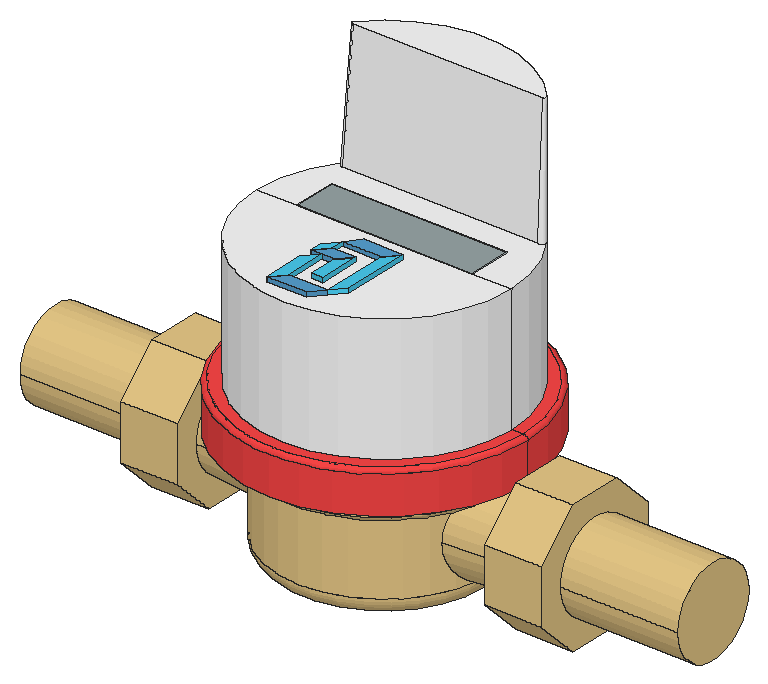
Revit family "DCST_Счетчик водяной бытовой_ВСКМ iWAN", category Арматура трубопроводов, Revit 2019
Family settings
  Размер круглого соединителя = Использовать диаметр
  Тип детали = Вставляется
  На основе рабочей плоскости = Нет
  Всегда вертикально = Да
  При загрузке вырезать с полостями = Нет
  Общий = Нет
Parameters (values of type "ВСКМ-15 iWAN 80 мм")
  УГО_Длина линии = L1  # 27 mm
  УГО_Длина = Монтажная длина - 10 mm + 2 * L2  # 96 mm
  УГО_Высота = УГО_Длина / 2  # 48 mm
  Тип счетчика [instance] = "крыльчатый"  # constant formula
  Тип водоснабжения [instance] = "универсальное"  # constant formula
  Способ присоединения [instance] = "резьбовое"  # constant formula
  Сегмент товаров [instance] = "Бытовые счетчики воды"  # constant formula
  Присоединение к трубопроводу [instance] = size_lookup(LT, "G", "", Диаметр условного прохода, Монтажная длина, ИПД_Код)  # "3/4\""
  Номинальный (рабочий) расход Qn [instance] = size_lookup(LT, "Qn", "", Диаметр условного прохода, Монтажная длина, ИПД_Код)  # "1.5 м3/ч"
  Номинальное давление [instance] = "16 кгс/см²"  # constant formula
  Наименование линейки [instance] = "ВСКМ iWAN"  # constant formula
  Мокроходный [instance] = "нет"  # constant formula
  Модификация оборудования [instance] = size_lookup(LT, "", "", Диаметр условного прохода, Монтажная длина, ИПД_Код)  # "ВСКМ-15 iWAN (80 мм)"
  Многоструйный [instance] = "нет"  # constant formula
  Минимальный расход Qmin_класс С [instance] = size_lookup(LT, "QminC", "", Диаметр условного прохода, Монтажная длина, ИПД_Код)  # "-"
  Минимальный расход Qmin_класс В [instance] = size_lookup(LT, "QminB", "", Диаметр условного прохода, Монтажная длина, ИПД_Код)  # "0.03 м3/ч"
  Минимальный расход Qmin_класс А [instance] = size_lookup(LT, "QminA", "", Диаметр условного прохода, Монтажная длина, ИПД_Код)  # "0.06 м3/ч"
  Метрологический класс / класс точности [instance] = if(Интерфейс передачи данных = ИПД_Lo_C, "класс \"C\"", "класс \"B\"")  # "класс \"B\""
  Межповерочный интервал [instance] = "6 лет"  # constant formula
  Материал корпуса [instance] = size_lookup(LT, "Mat", "", Диаметр условного прохода, Монтажная длина, ИПД_Код)  # "латунь"
  Максимальный расход Qmax [instance] = size_lookup(LT, "Qmax", "", Диаметр условного прохода, Монтажная длина, ИПД_Код)  # "3 м3/ч"
  Контакты_Разработчик = "support@bimlib.pro"  # constant formula
  Контакты_Производитель = "metronic@decast.com"  # constant formula
  Интерфейс передачи данных [instance] = ♦ : LoRaWAN, класс «B»
  Изготовитель = "Декаст"  # constant formula
  ИПД_Код [instance] = if(Интерфейс передачи данных = ИПД_Lo_B, 0, if(Интерфейс передачи данных = ИПД_Lo_C, 1, if(Интерфейс передачи данных = ИПД_NB, 2, 3)))  # 0
  ИПД_RS = ♦ : RS-485
  ИПД_NB = ♦ : NB-IoT
  ИПД_Lo_C = ♦ : LoRaWAN, класс «C»
  ИПД_Lo_B = ♦ : LoRaWAN, класс «B»
  Диапазон температуры измеряемой среды [instance] = size_lookup(LT, "T", "", Диаметр условного прохода, Монтажная длина, ИПД_Код)  # "от +5 до +95 °C"
  Диаметр условного прохода = 15 mm
  Watermark [instance] = "Модели защищены уникальным кодом"
  URL = "https://www.decast.com/"
  SW = 30 mm
  LT = "ВСКМ iWAN"  # constant formula
  L2 = 13 mm
  L1 = 27 mm
  Монтажная длина = 80 mm
  F = 0 mm
  Dm = 20 mm
  D1 = 24 mm
  D = 20 mm
  ADSK_Наименование [instance] = size_lookup(LT, "Name", "Не найдено: счетчик для воды бытовой", Диаметр условного прохода, Монтажная длина, ИПД_Код)  # "Счетчик воды бытовой, монтажная длина 80 мм, Qn=1.5 м3/ч, Qmax=3 м3/ч, G 3/4\" с интерфейсом для передачи данных LoRaWAN"
  ADSK_Масса_Текст = ""
  ADSK_Масса [instance] = size_lookup(LT, "M", 0, Диаметр условного прохода, Монтажная длина, ИПД_Код)  # 0.5
  ADSK_Марка [instance] = size_lookup(LT, "", "", Диаметр условного прохода, Монтажная длина, ИПД_Код)  # "ВСКМ-15 iWAN (80 мм)"
  ADSK_Количество = 1  # constant formula
  ADSK_Код изделия [instance] = size_lookup(LT, "Art", "", Диаметр условного прохода, Монтажная длина, ИПД_Код)  # "72-15-345"
  ADSK_Завод-изготовитель = "Декаст"  # constant formula
  ADSK_Единица измерения = "шт."
  ADSK_Диаметр условный = 15 mm
Types (3, lengths in mm): name | УГО_Длина линии | УГО_Длина | УГО_Высота | Присоединение к трубопроводу | Номинальный (рабочий) расход Qn | Модификация оборудования | Минимальный расход Qmin_класс В | Минимальный расход Qmin_класс А | Максимальный расход Qmax | Диаметр условного прохода | SW | L2 | L1 | Монтажная длина | F | Dm | D1 | ADSK_Наименование | ADSK_Масса | ADSK_Марка | ADSK_Код изделия | ADSK_Диаметр условный
  ВСКМ-15 iWAN 80 мм | 27 | 96 | 48 | "3/4\"" | "1.5 м3/ч" | "ВСКМ-15 iWAN (80 мм)" | "0.03 м3/ч" | "0.06 м3/ч" | "3 м3/ч" | 15 | 30 | 13 | 27 | 80 | 0 | 20 | 24 | "Счетчик воды бытовой, монтажная длина 80 мм, Qn=1.5 м3/ч, Qmax=3 м3/ч, G 3/4\" с интерфейсом для передачи данных LoRaWAN" | 0.5 | "ВСКМ-15 iWAN (80 мм)" | "72-15-345" | 15
  ВСКМ-15 iWAN 110 мм | 27 | 126 | 63 | "3/4\"" | "1.5 м3/ч" | "ВСКМ-15 iWAN (110 мм)" | "0.03 м3/ч" | "0.06 м3/ч" | "3 м3/ч" | 15 | 30 | 13 | 27 | 110 | 0 | 20 | 24 | "Счетчик воды бытовой, монтажная длина 110 мм, Qn=1.5 м3/ч, Qmax=3 м3/ч, G 3/4\" с интерфейсом для передачи данных LoRaWAN" | 0.6 | "ВСКМ-15 iWAN (110 мм)" | "72-15-315" | 15
  ВСКМ-20 iWAN 130 мм | 40 | 154 | 77 | "1\"" | "2.5 м3/ч" | "ВСКМ-20 iWAN" | "0.05 м3/ч" | "0.1 м3/ч" | "5 м3/ч" | 20 | 35 | 17 | 40 | 130 | 8 | 25 | 20 | "Счетчик воды бытовой, монтажная длина 130 мм, Qn=2.5 м3/ч, Qmax=5 м3/ч, G 1\" с интерфейсом для передачи данных LoRaWAN" | 0.7 | "ВСКМ-20 iWAN" | "72-20-315" | 20
Reference planes
  plane 1 "По центру (Вперед/Назад)": y = 0
  plane 2: z = 0
  plane 3 "По центру (Влево/Вправо)": x = 0
  plane 4: x = -40
  plane 5: x = 40
  plane 6: x = -75
  plane 7: x = 75
  plane 8: x = -35
  plane 9: x = -48
  plane 10: x = 35
  plane 11: x = 48
  plane 12: y = 0
Forms (mm)
  Revolve 1, solid, material "Латунь", detail levels fine
    sketch origin (0, 0, 0) x (1, 0, 0) y (0, 0, 1)
      loop
        arc (-24.35, -10.2) -> (-23.178, -13.028) -> (-20.35, -14.2) r 4
        line (-20.35, -14.2) -> (0, -14.2) -> (0, 11.4) -> (-27.673, 11.4) -> (-27.673, 8.387)
        arc (-27.673, 8.387) -> (-27.38, 7.679) -> (-26.673, 7.387) r 1
        line (-26.673, 7.387) -> (-24.35, 7.387) -> (-24.35, -10.2)
      axis (0, -14.2) -> (0, 11.4)
    angle from 0 to 360
  Revolve 2, solid, material "RGB_RAL 3026 (Красный)", detail levels fine
    sketch origin (0, 0, 0) x (1, 0, 0) y (0, 0, 1)
      loop
        line (0, 11.4) -> (0, 21) -> (-31.7, 21)
        arc (-31.7, 21) -> (-32.407, 20.707) -> (-32.7, 20) r 1
        line (-32.7, 20) -> (-32.7, 11.4) -> (0, 11.4)
      axis (0, 11.4) -> (0, 21)
    angle from 0 to 360
  Revolve 3, solid, material "RGB_RAL 9003 (Белый сигнальный)", detail levels fine
    sketch origin (0, 0, 0) x (1, 0, 0) y (0, 0, 1)
      loop
        line (0, 21) -> (29, 21) -> (29, 49.624) -> (0, 49.624) -> (0, 21)
      axis (0, 21) -> (0, 49.624)
    angle from 0 to 360
  Blend 4, solid, material "RGB_RAL 9003 (Белый сигнальный)", detail levels fine
    base sketch origin (0, 0, 0) x (0, -1, 0) y (1, 0, 0)
      loop
        line (-16, -22.249) -> (-16, 22.249)
        arc (-16, 22.249) -> (-16.557, 23.145) -> (-17.607, 23.043) r 1
        arc (-17.607, 23.043) -> (-29, 0) -> (-17.607, -23.043) r 29
        arc (-17.607, -23.043) -> (-16.557, -23.145) -> (-16, -22.249) r 1
    top sketch origin (0, 0, 0) x (0, -1, 0) y (1, 0, 0)
      loop
        line (-18, -21.679) -> (-18, 21.679)
        arc (-18, 21.679) -> (-18.291, 22.134) -> (-18.825, 22.06) r 0.5
        arc (-18.825, 22.06) -> (-29, 0) -> (-18.825, -22.06) r 29
        arc (-18.825, -22.06) -> (-18.291, -22.134) -> (-18, -21.679) r 0.5
    from 49.624 to 78.152
  Extrusion 5, void
    sketch origin (0, 0, 49.624) x (0, 1, 0) y (1, 0, 0)
      loop
        line (0, -20) -> (10, -20) -> (10, 20) -> (0, 20) -> (0, -20)
    from 0 to 1
  Extrusion 6, solid, material "Дисплей монохромный", detail levels fine
    sketch origin (0, 0, 49.624) x (1, 0, 0) y (0, 1, 0)
      loop
        line (-20, 10) -> (-20, 0) -> (20, 0) -> (20, 10) -> (-20, 10)
    from -1 to 0
  Blend 7, solid, material "Латунь", detail levels fine
    base sketch origin (0, 0, 0) x (0, 1, 0) y (0, 0, 1)
      loop
        circle (0, 0) r 10
    top sketch origin (0, 0, 0) x (0, 1, 0) y (0, 0, 1)
      loop
        circle (0, 0) r 12
    from -35 to -5
  Blend 8, solid, material "Латунь", detail levels fine
    base sketch origin (0, 0, 0) x (0, 1, 0) y (0, 0, -1)
      loop
        circle (0, 0) r 10
    top sketch origin (0, 0, 0) x (0, 1, 0) y (0, 0, -1)
      loop
        circle (0, 0) r 12
    from -35 to -5
  Extrusion 9, solid, material "Латунь", detail levels fine
    sketch origin (0, 0, 0) x (0, 1, 0) y (0, 0, 1)
      loop
        line (-15, -6.213) -> (-6.213, -15) -> (6.213, -15) -> (15, -6.213) -> (15, 6.213) -> (6.213, 15) -> (-6.213, 15) -> (-15, 6.213) -> (-15, -6.213)
    from -48 to -35
  Extrusion 10, solid, material "Латунь", detail levels fine
    sketch origin (0, 0, 0) x (0, 1, 0) y (0, 0, 1)
      loop
        line (-6.213, 15) -> (-15, 6.213) -> (-15, -6.213) -> (-6.213, -15) -> (6.213, -15) -> (15, -6.213) -> (15, 6.213) -> (6.213, 15) -> (-6.213, 15)
    from 35 to 48
  Extrusion 11, solid, material "Латунь", detail levels fine
    sketch origin (0, 0, 0) x (0, 1, 0) y (0, 0, 1)
      loop
        circle (0, 0) r 10
    from -75 to -48
  Extrusion 12, solid, material "Латунь", detail levels fine
    sketch origin (0, 0, 0) x (0, 1, 0) y (0, 0, 1)
      loop
        circle (0, 0) r 10
    from 48 to 75
Cuts and joins
  Extrusion 5 cuts Revolve 2
  Extrusion 5 cuts Revolve 3
  joined: Revolve 1, Blend 7, Blend 8
Lines and regions (mm)
  model lines, detail levels fine
    curve 1: line (-18, 8, 49.624) -> (-15, 8, 49.624)
    curve 2: line (-18, 2, 49.624) -> (-18, 8, 49.624)
    curve 3: line (-15, 2, 49.624) -> (-18, 2, 49.624)
    curve 4: line (-15, 8, 49.624) -> (-15, 2, 49.624)
    curve 5: line (-14, 8, 49.624) -> (-11, 8, 49.624)
    curve 6: line (-14, 2, 49.624) -> (-14, 8, 49.624)
    curve 7: line (-11, 2, 49.624) -> (-14, 2, 49.624)
    curve 8: line (-11, 8, 49.624) -> (-11, 2, 49.624)
    curve 9: line (-10, 8, 49.624) -> (-7, 8, 49.624)
    curve 10: line (-10, 2, 49.624) -> (-10, 8, 49.624)
    curve 11: line (-7, 2, 49.624) -> (-10, 2, 49.624)
    curve 12: line (-7, 8, 49.624) -> (-7, 2, 49.624)
    curve 13: line (-6, 8, 49.624) -> (-3, 8, 49.624)
    curve 14: line (-6, 2, 49.624) -> (-6, 8, 49.624)
    curve 15: line (-3, 2, 49.624) -> (-6, 2, 49.624)
    curve 16: line (-3, 8, 49.624) -> (-3, 2, 49.624)
    curve 17: line (-2, 8, 49.624) -> (1, 8, 49.624)
    curve 18: line (-2, 2, 49.624) -> (-2, 8, 49.624)
    curve 19: line (1, 2, 49.624) -> (-2, 2, 49.624)
    curve 20: line (1, 8, 49.624) -> (1, 2, 49.624)
    curve 21: line (3, 8, 49.624) -> (6, 8, 49.624)
    curve 22: line (3, 2, 49.624) -> (3, 8, 49.624)
    curve 23: line (6, 2, 49.624) -> (3, 2, 49.624)
    curve 24: line (6, 8, 49.624) -> (6, 2, 49.624)
    curve 25: line (7, 8, 49.624) -> (10, 8, 49.624)
    curve 26: line (7, 2, 49.624) -> (7, 8, 49.624)
    curve 27: line (10, 2, 49.624) -> (7, 2, 49.624)
    curve 28: line (10, 8, 49.624) -> (10, 2, 49.624)
    curve 29: line (11, 8, 49.624) -> (14, 8, 49.624)
    curve 30: line (11, 2, 49.624) -> (11, 8, 49.624)
    curve 31: line (14, 2, 49.624) -> (11, 2, 49.624)
    curve 32: line (14, 8, 49.624) -> (14, 2, 49.624)
    curve 33: line (15, 8, 49.624) -> (18, 8, 49.624)
    curve 34: line (15, 2, 49.624) -> (15, 8, 49.624)
    curve 35: line (18, 2, 49.624) -> (15, 2, 49.624)
    curve 36: line (18, 8, 49.624) -> (18, 2, 49.624)
Dimensions and locks
  equal spacing: plane 4, plane 3 "По центру (Влево/Вправо)", plane 5
  "Монтажная длина": plane 4 to plane 5
  locked: plane 8 to plane 4 at 5
  locked: plane 10 to plane 5 at 5
  "F": plane 1 "По центру (Вперед/Назад)" to plane 12
  equal spacing: Extrusion 9 sketch curve, level, Extrusion 9 sketch curve
  "SW": Extrusion 9 sketch curve to Extrusion 9 sketch curve  (x4)
  equal spacing: Extrusion 9 sketch curve, plane 1 "По центру (Вперед/Назад)", Extrusion 9 sketch curve  (x3)
  equal spacing: Extrusion 10 sketch curve, level, Extrusion 10 sketch curve
  "SW": Extrusion 10 sketch curve to Extrusion 10 sketch curve  (x4)
  equal spacing: Extrusion 10 sketch curve, plane 1 "По центру (Вперед/Назад)", Extrusion 10 sketch curve  (x3)
  locked: plane 3 "По центру (Влево/Вправо)" to Revolve 1 sketch curve at 24.35
  locked: plane 3 "По центру (Влево/Вправо)" to Revolve 1 sketch curve at 27.673
  locked: level to Revolve 1 sketch curve at 14.2
  locked: Revolve 1 sketch curve to level at 7.387
  locked: Revolve 1 sketch curve to level at 11.4
  locked: Revolve 2 sketch curve to level at 11.4
  locked: Revolve 2 sketch curve to level at 21
  locked: Revolve 3 sketch curve to level at 21
  locked: Revolve 3 sketch curve to level at 49.624
  locked: Revolve 3 sketch curve to plane 3 "По центру (Влево/Вправо)" at 29
  plane 3 "По центру (Влево/Вправо)" to Revolve 2 sketch curve = 32.7 mm
  "L2": plane 8 to plane 9
  "L2": plane 10 to plane 11
  "L1": plane 6 to plane 9
  "L1": plane 11 to plane 7
  "D": diameter of Blend 7 sketch curve
  "D1": diameter of Blend 7 sketch curve
  "D": diameter of Blend 8 sketch curve
  "D1": diameter of Blend 8 sketch curve
  "Dm": diameter of Extrusion 11 sketch curve
  "Dm": diameter of Extrusion 12 sketch curve
  radius of Revolve 1 sketch curve = 4 mm
  radius of Revolve 1 sketch curve = 1 mm
  radius of Revolve 2 sketch curve = 1 mm
  radius of Blend 4 sketch curve = 29 mm  (x2)
  radius of Blend 4 sketch curve = 1 mm  (x2)
  radius of Blend 4 sketch curve = 0.5 mm  (x2)
  angle Extrusion 9 sketch curve to Extrusion 9 sketch curve = 135.00°  (x8)
  angle Extrusion 10 sketch curve to Extrusion 10 sketch curve = 135.00°  (x8)
  aligned and locked: level to plane 2
  aligned and locked: plane 1 "По центру (Вперед/Назад)" to Blend 7 sketch curve
  aligned and locked: level to Blend 7 sketch curve  (x2)
  aligned and locked: plane 12 to Blend 7 sketch curve
  aligned and locked: Blend 7 to plane 8
  aligned and locked: plane 1 "По центру (Вперед/Назад)" to Blend 8 sketch curve
  aligned and locked: level to Blend 8 sketch curve  (x2)
  aligned and locked: plane 12 to Blend 8 sketch curve
  aligned and locked: Blend 8 to plane 10
  aligned and locked: plane 8 to Extrusion 9
  aligned and locked: Extrusion 9 to plane 9
  aligned and locked: plane 10 to Extrusion 10
  aligned and locked: Extrusion 10 to plane 11
  aligned and locked: plane 1 "По центру (Вперед/Назад)" to Extrusion 11 sketch curve
  aligned and locked: level to Extrusion 11 sketch curve
  aligned and locked: level to Extrusion 12 sketch curve
  aligned and locked: plane 1 "По центру (Вперед/Назад)" to Extrusion 12 sketch curve
  aligned and locked: plane 11 to Extrusion 12
  aligned and locked: Extrusion 12 to plane 7
  aligned and locked: plane 9 to Extrusion 11
  aligned and locked: Extrusion 11 to plane 6
  aligned and locked: plane 3 "По центру (Влево/Вправо)" to nested 2
  aligned and locked: nested 2 to level
  aligned and locked: plane 3 "По центру (Влево/Вправо)" to nested 3
  aligned and locked: plane 1 "По центру (Вперед/Назад)" to nested 3
Automatic sketch dimensions
  Revolve 1 sketch curve to plane 3 "По центру (Влево/Вправо)" = 0 mm  (x2)
  Revolve 1 sketch curve to level = 0 mm
  level to Revolve 1 sketch curve = 2 mm
  Revolve 2 sketch curve to plane 3 "По центру (Влево/Вправо)" = 0 mm  (x2)
  Revolve 2 sketch curve to Revolve 2 sketch curve = 0 mm
  Revolve 2 sketch curve to Revolve 2 sketch curve = 4 mm
  Revolve 3 sketch curve to plane 3 "По центру (Влево/Вправо)" = 0 mm  (x2)
  Revolve 3 sketch curve to Revolve 3 sketch curve = 0.029 mm
  Revolve 3 sketch curve to Revolve 3 sketch curve = 2.029 mm
  Blend 4 sketch curve to Blend 4 sketch curve = 0 mm  (x3)
  Revolve 3 to Extrusion 5 sketch curve = 0 mm
  Extrusion 5 sketch curve to Revolve 3 = 10 mm
  Extrusion 5 sketch curve to Extrusion 5 sketch curve = 40 mm
  Revolve 3 to Extrusion 6 sketch curve = 0 mm
  Extrusion 6 sketch curve to Extrusion 6 sketch curve = 40 mm
  Extrusion 6 sketch curve to Revolve 3 = 10 mm
  curve 3 to Extrusion 6 = 2 mm
  curve 2 to curve 3 = 3 mm
  curve 1 to curve 5 = 1 mm
  curve 5 to curve 5 = 3 mm
  curve 5 to curve 9 = 1 mm
  curve 9 to curve 9 = 3 mm
  curve 9 to curve 13 = 1 mm
  curve 13 to curve 13 = 3 mm
  curve 13 to curve 17 = 1 mm
  curve 17 to curve 17 = 3 mm
  curve 19 to curve 23 = 2 mm
  curve 22 to curve 23 = 3 mm
  curve 21 to curve 25 = 1 mm
  curve 25 to curve 25 = 3 mm
  curve 25 to curve 29 = 1 mm
  curve 29 to curve 29 = 3 mm
  curve 29 to curve 33 = 1 mm
  curve 33 to Extrusion 6 = 2 mm
  curve 19 to Extrusion 6 = 2 mm
  curve 35 to Extrusion 6 = 2 mm
  curve 2 to Extrusion 6 = 2 mm
  curve 32 to curve 34 = 0 mm
  curve 3 to curve 6 = 0 mm
  curve 28 to curve 30 = 0 mm
  curve 7 to curve 10 = 0 mm
  curve 24 to curve 26 = 0 mm
  curve 11 to curve 14 = 0 mm
  curve 18 to Extrusion 6 = 2 mm
  curve 21 to Extrusion 6 = 2 mm
  curve 16 to curve 17 = 0 mm
  curve 21 to curve 25 = 0 mm
  curve 12 to curve 13 = 0 mm
  curve 25 to curve 29 = 0 mm
  curve 8 to curve 9 = 0 mm
  curve 29 to curve 33 = 0 mm
  curve 4 to curve 5 = 0 mm
  Blend 4 sketch curve to Blend 4 sketch curve = 16 mm
  Blend 4 sketch curve to Blend 4 sketch curve = 22.249 mm
  Blend 4 sketch curve to Blend 4 sketch curve = 18 mm
  Blend 4 sketch curve to Blend 4 sketch curve = 21.679 mm
  plane 1 "По центру (Вперед/Назад)" to Blend 4 sketch curve = 0 mm  (x2)
  Blend 4 sketch curve to plane 3 "По центру (Влево/Вправо)" = 0 mm  (x2)
Nested families
  nested 1: "Декаст_Лого" at (-6.737, -25, 49.624), type "Декаст_Лого", detail levels fine
  nested 2: "УГО_Водомер" at (0, 0, 0) x (1, 0, 0) z (0, -1, 0), A <- "УГО_Длина", B <- "УГО_Высота", C <- "УГО_Длина линии", type "УГО_Водомер", detail levels coarse+medium
    with C 27 mm, B 48 mm, A 96 mm
  nested 3: "УГО_ЭУ_Водомер (счетчик воды)" at (0, 0, 49.624), УГО_Длина <- "УГО_Длина", УГО_Длина линии <- "УГО_Длина линии", УГО_Ширина <- "УГО_Высота", type "УГО_ЭУ_Водомер (счетчик воды)", detail levels coarse+medium
    with УГО_Ширина 48 mm, УГО_Длина линии 27 mm, УГО_Длина 96 mm
Connectors
  piping at (-75, 0, 0), diameter 15, driven by "ADSK_Диаметр условный"
    settings: on Extrusion 11, index 1, connector inside diameter 609.6 mm, connector length 0 mm, flow factor 0, pipe flow 0.0 L/s, pressure drop 0.0 Pa, fitting loss kfactor 0, connector angle 0.00°, fixture units 0, engagement length 0 mm, angle of deflection 0.00°, flow configuration 0, flow direction 0, fitting loss method 0, system type 29, joint type 0, gender type 0, connector reference index -1, connector utility 0, adjustable connector no, is connector primary yes, connector description ""
  piping at (75, 0, 0), diameter 15, driven by "ADSK_Диаметр условный"
    settings: on Extrusion 12, index 2, connector inside diameter 609.6 mm, connector length 0 mm, flow factor 0, pipe flow 0.0 L/s, pressure drop 0.0 Pa, fitting loss kfactor 0, connector angle 0.00°, fixture units 0, engagement length 0 mm, angle of deflection 0.00°, flow configuration 0, flow direction 0, fitting loss method 0, system type 29, joint type 0, gender type 0, connector reference index -1, connector utility 0, adjustable connector no, is connector primary no, connector description ""
Definition of nested family "Декаст_Лого"
  Parameters (values of type "Декаст_Лого")
    Default Elevation = 1219.2 mm
  Reference planes
    plane 1 "По центру (Вперед/Назад)": y = 0
    plane 2: z = 0
    plane 3 "По центру (Влево/Вправо)": x = 0
  Forms (mm)
    Extrusion 1, solid
      sketch origin (0, 0, 0) x (1, 0, 0) y (0, 1, 0)
        loop
          line (-1219.2, 1219.2) -> (-1219.2, -1219.2) -> (1219.2, -1219.2) -> (1219.2, 1219.2) -> (-1219.2, 1219.2)
      from 0 to -304.8
    Extrusion 2, solid
      sketch origin (0, 0, 0) x (1, 0, 0) y (0, 1, 0)
        loop
          line (0, 0) -> (9, 0) -> (11.517, 3) -> (2.517, 3) -> (0, 0)
        loop
          line (2.476, 18.412) -> (11.406, 18.412) -> (13.923, 21.412) -> (4.993, 21.412) -> (2.476, 18.412)
        loop
          line (0, 12.459) -> (5.491, 12.459) -> (7.984, 15.43) -> (2.493, 15.43) -> (0, 12.459)
      from 0 to 1
    Extrusion 3, solid
      sketch origin (0, 0, 0) x (1, 0, 0) y (0, 1, 0)
        loop
          line (0, 15.461) -> (0, 12.459) -> (2.476, 15.41) -> (2.476, 18.412) -> (0, 15.461)
        loop
          line (7.984, 15.43) -> (5.491, 12.459) -> (5.491, 5.969) -> (7.984, 5.969) -> (7.984, 15.43)
        loop
          line (0, 0) -> (2.517, 3) -> (2.517, 12.459) -> (0, 9.459) -> (0, 0)
        loop
          line (11.459, 2.93) -> (13.921, 5.864) -> (13.921, 21.409) -> (11.459, 18.474) -> (11.459, 2.93)
      from 0 to 1
  Dimensions and locks
    aligned and locked: plane 2 to Extrusion 1
    aligned and locked: level to Extrusion 1
Definition of nested family "УГО_Водомер"
  Parameters (values of type "УГО_Водомер")
    C [instance] = 50 mm
    B [instance] = 100 mm
    A [instance] = 200 mm
  Reference planes
    plane 1 "По центру (Вперед/Назад)": y = 0
    plane 2: z = 0
    plane 3 "По центру (Влево/Вправо)": x = 0
    plane 4: x = -100
    plane 5: x = 100
    plane 6: y = -50
    plane 7: y = 50
    plane 8: x = -150
    plane 9: x = 150
  Forms (mm)
    Extrusion 1, solid
      sketch origin (0, 0, 0) x (1, 0, 0) y (0, 1, 0)
        loop
          line (-100, -50) -> (100, 50) -> (-100, 50) -> (-100, -50)
      from -1 to 1
    Extrusion 2, solid
      sketch origin (0, 0, 0) x (1, 0, 0) y (0, 1, 0)
        loop
          line (-100, -50) -> (100, -50) -> (100, 50) -> (-100, -50)
      from -1 to 1
  Lines and regions (mm)
    model lines
      curve 1: line (100, 0, 0) -> (150, 0, 0)
      curve 2: line (-100, 0, 0) -> (-150, 0, 0)
  Dimensions and locks
    equal spacing: plane 4, plane 3 "По центру (Влево/Вправо)", plane 5
    "A": plane 4 to plane 5
    equal spacing: plane 6, plane 1 "По центру (Вперед/Назад)", plane 7
    "B": plane 6 to plane 7
    "C": plane 8 to plane 4
    equal spacing: plane 8, plane 3 "По центру (Влево/Вправо)", plane 9
    aligned and locked: level to plane 2
    aligned and locked: plane 7 to Extrusion 1 sketch curve
    aligned and locked: plane 6 to Extrusion 1 sketch curve
    aligned and locked: plane 4 to Extrusion 1 sketch curve  (x2)
    aligned and locked: plane 5 to Extrusion 1 sketch curve
    aligned and locked: plane 4 to Extrusion 2 sketch curve
    aligned and locked: Extrusion 2 sketch curve to plane 6
    aligned and locked: plane 7 to Extrusion 2 sketch curve
    aligned and locked: plane 6 to Extrusion 2 sketch curve
    aligned and locked: Extrusion 2 sketch curve to plane 5
    aligned and locked: plane 8 to curve 2
    aligned and locked: plane 4 to curve 2
    aligned and locked: plane 9 to curve 1
    aligned and locked: plane 5 to curve 1
  Automatic sketch dimensions
    plane 1 "По центру (Вперед/Назад)" to curve 1 = 0 mm
    plane 1 "По центру (Вперед/Назад)" to curve 2 = 0 mm
Definition of nested family "УГО_ЭУ_Водомер (счетчик воды)"
  Parameters (values of type "УГО_ЭУ_Водомер (счетчик воды)")
    УГО_Ширина [instance] = 70 mm
    УГО_Длина линии [instance] = 15 mm
    УГО_Длина [instance] = 110 mm
  Reference planes
    plane 1 "По центру (Вперед/Назад)": y = 0
    plane 2: z = 0
    plane 3 "По центру (Влево/Вправо)": x = 0
    plane 4: x = -55
    plane 5: x = 55
    plane 6: y = 35
    plane 7: y = -35
  Lines and regions (mm)
    Filled region 1, type "Сплошная заливка - Черный", in view "Опорный уровень"
      outline origin (0, 0, 0) x (1, 0, 0) y (0, 1, 0)
        loop
          line (55, -35) -> (55, 35) -> (-55, -35) -> (55, -35)
    detail lines, in view "Опорный уровень"
      curve 1: line (-55, -35, 0) -> (-55, 35, 0)
      curve 2: line (-55, 35, 0) -> (55, 35, 0)
      curve 3: line (55, 35, 0) -> (-55, -35, 0)
      curve 4: line (55, -35, 0) -> (55, 35, 0)
      curve 5: line (55, -35, 0) -> (-55, -35, 0)
      curve 6: line (-55, -35, 0) -> (55, 35, 0)
      curve 7: line (55, 0, 0) -> (70, 0, 0)
      curve 8: line (-55, 0, 0) -> (-70, 0, 0)
  Dimensions and locks
    equal spacing: plane 4, plane 3 "По центру (Влево/Вправо)", plane 5
    "УГО_Длина": plane 4 to plane 5
    equal spacing: plane 7, plane 1 "По центру (Вперед/Назад)", plane 6
    "УГО_Ширина": plane 6 to plane 7
    "УГО_Длина линии": plane 5 to curve 7
    "УГО_Длина линии": curve 8 to plane 4
    aligned and locked: curve 2 to plane 6
    aligned and locked: plane 7 to curve 3
    aligned and locked: plane 5 to curve 2
    aligned and locked: curve 4 to plane 5
    aligned and locked: curve 5 to plane 7
    aligned and locked: plane 4 to curve 6
    aligned and locked: plane 6 to curve 6
    aligned and locked: Filled region 1 sketch curve to curve 5
    aligned and locked: Filled region 1 sketch curve to curve 4
    aligned and locked: Filled region 1 sketch curve to curve 6
    aligned and locked: plane 1 "По центру (Вперед/Назад)" to curve 7
    aligned and locked: curve 8 to plane 1 "По центру (Вперед/Назад)"
